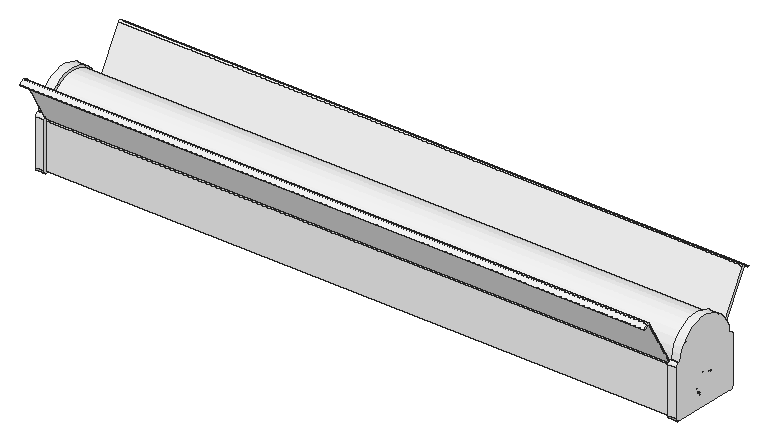
Revit family "0045195+0045231 Feilo Sylvania Lighting Fixture SYLBATTEN LED2 6000K DALI TP5 with SYMMETRIC REFLECTOR ACCESSORY 600MM", category Lighting Fixtures, host Face, Revit 2017
Family settings
  Host = Face
  Round Connector Dimension = Use Diameter
  Part Type = Normal
  OmniClass Number = 23.80.70.00
  OmniClass Title = Lighting
  Cut with Voids When Loaded = No
  Light Source = Yes
  Shared = No
  Room Calculation Point = No
Parameters (values of type "0045195 SYLBATTEN LED2 6000K DALI TP5")
  Width_FEILO = 66 mm
  Weight = "1.5 kg"
  Wattage Comments = "n/a"
  Wattage = 22 W
  WarrantyStartDate [instance] = "n/a"
  WarrantyGuarantorParts = "n/a"
  WarrantyDurationUnit = "n/a"
  WarrantyDurationParts = "n/a"
  WarrantyDescription = "n/a"
  built-in parameter 1150110 = 1 (stored number, unit not read)
  Voltage = 230 V
  URL = "http://www.sylvania-lighting.com"
  TypeName = "SYLBATTEN LED2 6000K DALI TP5"
  Type Image = <None>
  Type Comments = "n/a"
  built-in parameter 1114217 = 1 (stored number, unit not read)
  Tilt Angle = -90.00°
  built-in parameter 1150109 = 1 (stored number, unit not read)
  built-in parameter 1150134 = 5
  SymReflector_FEILO = yes
  built-in parameter 1150113 = 1 (stored number, unit not read)
  SerialNumber [instance] = "n/a"
  PowerFactor = 0
  PowerConsumption = "22 W"
  Photometric Web File = "0045195+0045231.ies"
  NominalLength = 605 mm
  NominalHeight = 76 mm
  NominalDepth = 66 mm
  Name = "SYLBATTEN LED2 6000K DALI TP5"
  ModelReference = Name  # "SYLBATTEN LED2 6000K DALI TP5"
  ModelNumber = "0045195"
  Model = Name  # "SYLBATTEN LED2 6000K DALI TP5"
  Material_4_FEILO = Reflector-Sylvania-Sylbatten-White
  Material_3_FEILO = Diffuser-Sylvania-Sylbatten-Glow
  Material_2_FEILO = Body-Sylvania-Sylbatten-White
  Material_1_FEILO = Body-Sylvania-Sylbatten-White
  Material = "sheet steel housing, polycarbonate diffuser"
  ManufacturerName = "Feilo Sylvania"
  Manufacturer = "Feilo Sylvania"
  LuminousEfficacy = "110.5 lm/W"
  built-in parameter 1150105 = 193.61 (stored number, unit not read)
  Lumens = 2432.98 lm
  LuminaireType = ""
  built-in parameter 1150115 = 1 (stored number, unit not read)
  LightOutputRatio = "100"
  built-in parameter 1150137 = (empty or 0)
  built-in parameter 1150139 = (empty or 0)
  Length_FEILO = 605 mm
  LampsType = Lamp  # "LED"
  LampNominalLuminous = "2433 lm"
  LampMacAdamStep = "n/a"
  LampColourTemperature = "6000 K"
  LampColourRenderingIndex = "80"
  built-in parameter 1150112 = 1 (stored number, unit not read)
  built-in parameter 1150114 = 1 (stored number, unit not read)
  Lamp = "LED"
  Keynote = "16500"
  InstallationDate [instance] = "n/a"
  InputVoltage = "220-240V~"
  InputNominalFrequency = "n/a"
  built-in parameter 1150132 = (empty or 0)
  built-in parameter 1150102 = (empty or 0)
  built-in parameter 1150107 = 6000 (stored number, unit not read)
  built-in parameter 1150138 = (empty or 0)
  IngressProtection = "IP20"
  ImpactProtectionIndex = "IK07"
  built-in parameter 1150106 = 1.9361 (stored number, unit not read)
  IfcExportType = "IfcLightFixtureType"
  IfcExportAs = "IfcLightFixtureType"
  Height_FEILO = 76 mm
  ExpectedLife = 50000
  Emit from Rectangle Width = Length_FEILO - 16 mm  # 589 mm
  Emit from Rectangle Length = Width_FEILO - 40 mm  # 26 mm
  Emit Shape Visible in Rendering = no
  ElectricShockClassification = "Class I"
  built-in parameter 1150104 = 10.274 (stored number, unit not read)
  DurationUnit = "hours"
  DocumentationLiterature = "http://www.sylvania-lighting.com/product/en-int/products/0045195"
  DimmingControlOptions = "Dimmable"
  Dimming Lamp Color Temperature Shift = <None>
  Description = "LED batten, T8 replacement, ease of installation through 2 part push-in design of the housing (safety cable included), through wiring capability (TP5 = 5 core), sheet steel, 2435LM, 22W, 111lm/W, 6000K, drive current: 350mA, CRI 80, 138° wide beam angle, DALI dimmable, IP20, IK07, 50,000 hrs (L70), (LxWxH) 605x66x76mm, 5 step MacAdam ellipse, 1.8kg, white RAL 9016, Class 1, 220-240V, energy class: A++, A+, A."
  Default Elevation = 1219.2 mm
  CreatedOn = "2/22/2018"
  CreatedBy = ""
  Cost = 0
  Color Filter = 16777215
  built-in parameter 1114216 [instance] = (empty or 0)
  ClassificationValue = "EF_70_80"
  ClassificationName = "Uniclass2015"
  CapOffset_FEILO = 2 mm
  BarCode [instance] = "n/a"
  built-in parameter 1114218 = 1 (stored number, unit not read)
  BackReflector_FEILO = and(not(AsymReflector_FEILO), SymReflector_FEILO)  # yes
  built-in parameter 1150133 = 10 (stored number, unit not read)
  FrontReflector_FEILO = or(AsymReflector_FEILO, SymReflector_FEILO)  # yes
  AsymReflector_FEILO = no
  AssetType = "Fixed"
  AssetIdentifier [instance] = "n/a"
  Assembly Code = "D5020200"
  Apparent Load = 22 VA
Reference planes
  plane 1 "Center (Front/Back)": y = 0
  plane 2: z = 0
  plane 3 "Center (Left/Right)": x = 0
  plane 4: x = 302.5
  plane 5: x = -302.5
  plane 6: y = 33
  plane 7: y = -33
  plane 8: z = 76
  plane 9: z = 47
  plane 10: y = -29
  plane 11: y = 29
  plane 12: z = 20
  plane 13: z = 74
  plane 14: y = -31
  plane 15: y = -27
  plane 16: y = 27
  plane 17: y = 31
  plane 18: z = 2
  plane 19: x = -294.5
  plane 20: x = 294.5
  plane 21: z = 49
  plane 22: y = 1
  plane 23: y = -1
  plane 24: z = 21
  plane 25: z = 19
  plane 26: y = -61
  plane 27: y = 61
  plane 28: y = -56
  plane 29: y = 56
  plane 30: z = 91
  plane 31: z = 88
Forms (mm)
  Extrusion 1, solid, material "Body-Sylvania-Sylbatten-White" <- "Material_2_FEILO"
    sketch origin (0, 0, 0) x (0, 1, 0) y (0, 0, 1)
      loop
        line (-31, 2) -> (31, 2) -> (31, 45)
        arc (31, 45) -> (30.414, 46.414) -> (29, 47) r 2
        line (29, 47) -> (27, 47)
        arc (27, 47) -> (0, 74) -> (-27, 47) r 27
        line (-27, 47) -> (-29, 47)
        arc (-29, 47) -> (-30.414, 46.414) -> (-31, 45) r 2
        line (-31, 45) -> (-31, 2)
    from -294.5 to 294.5
  Extrusion 2, solid, material "Body-Sylvania-Sylbatten-White" <- "Material_2_FEILO"
    sketch origin (302.5, 1524, 1219.2) x (0, 1, 0) y (0, 0, 1)
      loop
        arc (-1494, -1219.2) -> (-1491.879, -1218.321) -> (-1491, -1216.2) r 3
        line (-1491, -1216.2) -> (-1491, -1173.2)
        arc (-1491, -1173.2) -> (-1491.879, -1171.079) -> (-1494, -1170.2) r 3
        line (-1494, -1170.2) -> (-1495.069, -1170.2)
        arc (-1495.069, -1170.2) -> (-1524, -1143.2) -> (-1552.931, -1170.2) r 29
        line (-1552.931, -1170.2) -> (-1554, -1170.2)
        arc (-1554, -1170.2) -> (-1556.121, -1171.079) -> (-1557, -1173.2) r 3
        line (-1557, -1173.2) -> (-1557, -1216.2)
        arc (-1557, -1216.2) -> (-1556.121, -1218.321) -> (-1554, -1219.2) r 3
        line (-1554, -1219.2) -> (-1494, -1219.2)
      loop
        arc (-1525, -1189.25) -> (-1531.071, -1192.129) -> (-1533.95, -1198.2) r 10
        line (-1533.95, -1198.2) -> (-1532.944, -1198.2)
        arc (-1532.944, -1198.2) -> (-1530.364, -1192.836) -> (-1525, -1190.256) r 9
        line (-1525, -1190.256) -> (-1525, -1189.25)
      loop
        arc (-1523, -1190.256) -> (-1517.636, -1192.836) -> (-1515.056, -1198.2) r 9
        line (-1515.056, -1198.2) -> (-1514.05, -1198.2)
        arc (-1514.05, -1198.2) -> (-1516.929, -1192.129) -> (-1523, -1189.25) r 10
        line (-1523, -1189.25) -> (-1523, -1190.256)
      loop
        line (-1532.944, -1200.2) -> (-1533.95, -1200.2)
        arc (-1533.95, -1200.2) -> (-1531.071, -1206.271) -> (-1525, -1209.15) r 10
        line (-1525, -1209.15) -> (-1525, -1208.144)
        arc (-1525, -1208.144) -> (-1530.364, -1205.564) -> (-1532.944, -1200.2) r 9
      loop
        arc (-1515.056, -1200.2) -> (-1517.636, -1205.564) -> (-1523, -1208.144) r 9
        line (-1523, -1208.144) -> (-1523, -1209.15)
        arc (-1523, -1209.15) -> (-1516.929, -1206.271) -> (-1514.05, -1200.2) r 10
        line (-1514.05, -1200.2) -> (-1515.056, -1200.2)
    from 0 to -8
  Extrusion 3, solid, material "Body-Sylvania-Sylbatten-White" <- "Material_2_FEILO"
    sketch origin (-302.5, 1524, 1219.2) x (0, 1, 0) y (0, 0, 1)
      loop
        arc (-1495.069, -1170.2) -> (-1524, -1143.2) -> (-1552.931, -1170.2) r 29
        line (-1552.931, -1170.2) -> (-1554, -1170.2)
        arc (-1554, -1170.2) -> (-1556.121, -1171.079) -> (-1557, -1173.2) r 3
        line (-1557, -1173.2) -> (-1557, -1216.2)
        arc (-1557, -1216.2) -> (-1556.121, -1218.321) -> (-1554, -1219.2) r 3
        line (-1554, -1219.2) -> (-1494, -1219.2)
        arc (-1494, -1219.2) -> (-1491.879, -1218.321) -> (-1491, -1216.2) r 3
        line (-1491, -1216.2) -> (-1491, -1173.2)
        arc (-1491, -1173.2) -> (-1491.879, -1171.079) -> (-1494, -1170.2) r 3
        line (-1494, -1170.2) -> (-1495.069, -1170.2)
      loop
        line (-1533.95, -1198.2) -> (-1532.944, -1198.2)
        arc (-1532.944, -1198.2) -> (-1530.364, -1192.836) -> (-1525, -1190.256) r 9
        line (-1525, -1190.256) -> (-1525, -1189.25)
        arc (-1525, -1189.25) -> (-1531.071, -1192.129) -> (-1533.95, -1198.2) r 10
      loop
        line (-1523, -1189.25) -> (-1523, -1190.256)
        arc (-1523, -1190.256) -> (-1517.636, -1192.836) -> (-1515.056, -1198.2) r 9
        line (-1515.056, -1198.2) -> (-1514.05, -1198.2)
        arc (-1514.05, -1198.2) -> (-1516.929, -1192.129) -> (-1523, -1189.25) r 10
      loop
        line (-1514.05, -1200.2) -> (-1515.056, -1200.2)
        arc (-1515.056, -1200.2) -> (-1517.636, -1205.564) -> (-1523, -1208.144) r 9
        line (-1523, -1208.144) -> (-1523, -1209.15)
        arc (-1523, -1209.15) -> (-1516.929, -1206.271) -> (-1514.05, -1200.2) r 10
      loop
        line (-1525, -1209.15) -> (-1525, -1208.144)
        arc (-1525, -1208.144) -> (-1530.364, -1205.564) -> (-1532.944, -1200.2) r 9
        line (-1532.944, -1200.2) -> (-1533.95, -1200.2)
        arc (-1533.95, -1200.2) -> (-1531.071, -1206.271) -> (-1525, -1209.15) r 10
    from 0 to 8
  Extrusion 4, solid, material "Reflector-Sylvania-Sylbatten-White" <- "Material_4_FEILO", visible <- "FrontReflector_FEILO"
    sketch origin (0, 0, 0) x (0, 1, 0) y (0, 0, 1)
      loop
        line (-61.257, 88.429) -> (-60.743, 87.571) -> (-56.621, 90.044)
        arc (-56.621, 90.044) -> (-56.237, 90.099) -> (-55.929, 89.863) r 0.5
        line (-55.929, 89.863) -> (-31.435, 46.753) -> (-30.565, 47.247) -> (-55.312, 90.802)
        arc (-55.312, 90.802) -> (-55.928, 91.275) -> (-56.696, 91.165) r 1
        line (-56.696, 91.165) -> (-61.257, 88.429)
    from -294.5 to 294.5
  Extrusion 5, solid, material "Reflector-Sylvania-Sylbatten-White" <- "Material_4_FEILO", visible <- "BackReflector_FEILO"
    sketch origin (0, 0, 0) x (0, 1, 0) y (0, 0, 1)
      loop
        line (30.565, 47.247) -> (31.435, 46.753) -> (55.932, 89.868)
        arc (55.932, 89.868) -> (56.245, 90.112) -> (56.638, 90.062) r 0.518
        line (56.638, 90.062) -> (61.033, 87.565) -> (61.527, 88.435) -> (56.682, 91.188)
        arc (56.682, 91.188) -> (55.922, 91.282) -> (55.318, 90.812) r 1
        line (55.318, 90.812) -> (30.565, 47.247)
    from -294.5 to 294.5
Lines and regions (mm)
  reference lines
    curve 1: line (0, -61, 88) -> (0, -56, 91)
    curve 2: line (0, -56, 91) -> (0, -31, 47)
    curve 3: line (0, 31, 47) -> (0, 56, 91)
    curve 4: line (0, 56, 91) -> (0, 61.28, 88)
Dimensions and locks
  equal spacing: plane 5, plane 3 "Center (Left/Right)", plane 4
  equal spacing: plane 7, plane 1 "Center (Front/Back)", plane 6
  "Width_FEILO": plane 7 to plane 6
  "Length_FEILO": plane 5 to plane 4
  "Height_FEILO": plane 8 to plane 2
  locked: plane 9 to plane 8 at 29
  equal spacing: plane 10, plane 1 "Center (Front/Back)", plane 11
  locked: plane 7 to plane 10 at 4
  locked: plane 12 to plane 2 at 20
  "CapOffset_FEILO": plane 13 to plane 8
  "CapOffset_FEILO": plane 7 to plane 14
  "CapOffset_FEILO": plane 10 to plane 15
  "CapOffset_FEILO": plane 17 to plane 6
  "CapOffset_FEILO": plane 16 to plane 11
  "CapOffset_FEILO": plane 18 to plane 2
  locked: plane 14 to Extrusion 1 sketch curve at 2
  locked: Extrusion 1 sketch curve to plane 9 at 2  (x2)
  locked: plane 16 to Extrusion 1 sketch curve at 2
  equal spacing: plane 19, plane 3 "Center (Left/Right)", plane 20
  locked: plane 5 to plane 19 at 8
  "CapOffset_FEILO": plane 9 to plane 21
  locked: Extrusion 2 sketch curve to plane 2 at 47
  locked: Extrusion 1 sketch curve to plane 2 at 47
  locked: Extrusion 2 sketch curve to plane 2 at 3  (x2)
  locked: plane 7 to Extrusion 2 sketch curve at 3  (x2)
  locked: Extrusion 2 sketch curve to plane 6 at 3  (x2)
  locked: Extrusion 2 sketch curve to plane 21 at 3  (x2)
  equal spacing: plane 23, plane 1 "Center (Front/Back)", plane 22
  equal spacing: plane 25, plane 12, plane 24
  plane 30 to plane 31 to plane 2 = 3 mm locked, 88 mm locked
  plane 28 to plane 29 = 112 mm
  plane 26 to plane 27 = 122 mm
  aligned and locked: plane 2 to host face
  aligned and locked: level to host face
  aligned and locked: plane 18 to Extrusion 1 sketch curve
  aligned and locked: plane 14 to Extrusion 1 sketch curve
  aligned and locked: Extrusion 1 sketch curve to plane 9  (x2)
  aligned and locked: Extrusion 1 sketch curve to plane 17
  aligned and locked: plane 15 to Extrusion 1 sketch curve
  aligned and locked: plane 16 to Extrusion 1 sketch curve
  aligned and locked: plane 9 to Extrusion 1 sketch curve
  aligned and locked: plane 20 to Extrusion 1
  aligned and locked: level to Extrusion 2 sketch curve
  aligned and locked: Extrusion 2 sketch curve to plane 7
  aligned and locked: plane 21 to Extrusion 2 sketch curve
  aligned and locked: Extrusion 2 sketch curve to plane 21
  aligned and locked: plane 1 "Center (Front/Back)" to Extrusion 2 sketch curve  (x3)
  aligned and locked: Extrusion 2 to Extrusion 1
  aligned and locked: plane 4 to Extrusion 2
  aligned and locked: plane 12 to Extrusion 2 sketch curve  (x2)
  aligned and locked: Extrusion 2 sketch curve to plane 22
  aligned and locked: Extrusion 2 sketch curve to plane 23
  aligned and locked: Extrusion 2 sketch curve to plane 24
  aligned and locked: Extrusion 2 sketch curve to plane 25
  aligned and locked: plane 25 to Extrusion 2 sketch curve
  aligned and locked: plane 22 to Extrusion 2 sketch curve
  aligned and locked: plane 24 to Extrusion 2 sketch curve
  aligned and locked: plane 23 to Extrusion 2 sketch curve  (x2)
  aligned and locked: Extrusion 3 sketch curve to Extrusion 2  (x22)
  aligned and locked: Extrusion 3 to Extrusion 1
  aligned and locked: Extrusion 3 to plane 5
  aligned and locked: plane 19 to Extrusion 3
  aligned and locked: plane 31 to curve 1
  aligned and locked: plane 30 to curve 1
  aligned and locked: plane 14 to curve 2
  aligned and locked: plane 9 to curve 2
  aligned and locked: plane 17 to curve 3
  aligned and locked: plane 30 to curve 3
  aligned and locked: plane 31 to curve 4
  aligned and locked: Extrusion 4 sketch curve to curve 2
  aligned and locked: Extrusion 4 sketch curve to curve 1
  aligned and locked: Extrusion 4 to Extrusion 1
  aligned and locked: Extrusion 1 to Extrusion 4
  aligned and locked: imposter light to plane 1 "Center (Front/Back)"
  aligned and locked: imposter light to plane 3 "Center (Left/Right)"
  aligned and locked: imposter light to plane 13
  aligned and locked: Extrusion 5 sketch curve to curve 4
  aligned and locked: Extrusion 5 sketch curve to curve 3
  aligned and locked: Extrusion 1 to Extrusion 5
  aligned and locked: Extrusion 5 to Extrusion 1
Automatic sketch dimensions
  host sketch curve to host sketch curve = 2438.4 mm  (x2)
  Extrusion 2 sketch curve to Extrusion 2 sketch curve = 0 mm  (x14)
  Extrusion 2 sketch curve to plane 10 = 0.069 mm
  plane 23 to Extrusion 2 sketch curve = 8.95 mm
  Extrusion 2 sketch curve to Extrusion 2 sketch curve = 1.006 mm  (x4)
  Extrusion 2 sketch curve to plane 22 = 7.944 mm
  curve 1 to plane 26 = 0 mm
  curve 2 to plane 28 = 0 mm
  curve 4 to plane 29 = 0 mm
  plane 9 to curve 3 = 0 mm
  plane 26 to Extrusion 4 sketch curve = 0.257 mm
  Extrusion 4 sketch curve to plane 26 = 0.257 mm
  Extrusion 4 sketch curve to plane 30 = 0.165 mm
  plane 28 to Extrusion 4 sketch curve = 0.696 mm
  plane 28 to Extrusion 4 sketch curve = 0.621 mm
  plane 28 to Extrusion 4 sketch curve = 0.364 mm
  plane 28 to Extrusion 4 sketch curve = 0.182 mm
  Extrusion 4 sketch curve to plane 28 = 0.071 mm
  plane 30 to Extrusion 4 sketch curve = 0.198 mm
  Extrusion 4 sketch curve to plane 28 = 0.688 mm
  plane 9 to Extrusion 4 sketch curve = 0.247 mm
  plane 1 "Center (Front/Back)" to Extrusion 4 sketch curve = 31.435 mm
  Extrusion 5 sketch curve to plane 9 = 0.247 mm
  Extrusion 5 sketch curve to plane 1 "Center (Front/Back)" = 30.565 mm
  plane 9 to Extrusion 5 sketch curve = 0.247 mm
  plane 30 to Extrusion 5 sketch curve = 0.188 mm
  plane 29 to Extrusion 5 sketch curve = 0.068 mm
  Extrusion 5 sketch curve to plane 29 = 0.188 mm
  Extrusion 5 sketch curve to plane 29 = 0.382 mm
  Extrusion 5 sketch curve to Extrusion 5 sketch curve = 0.256 mm
  Extrusion 5 sketch curve to plane 30 = 0.188 mm
  Extrusion 5 sketch curve to plane 29 = 0.682 mm
  Extrusion 5 sketch curve to plane 27 = 0.033 mm
  Extrusion 5 sketch curve to plane 27 = 0.527 mm
Connectors
  electrical at (0, 0, 0), driven by "Apparent Load", driven by "PowerFactor", driven by "Voltage"
    settings: index 1, voltage 230 V, apparent load 22 VA, apparent load phase1 0 VA, apparent load phase2 0 VA, apparent load phase3 0 VA, power factor 0, load classification "Lighting", number of poles 1, system type 30, power factor state 1, is connector primary yes, connector utility no, sub classification motor no, connector description ""
